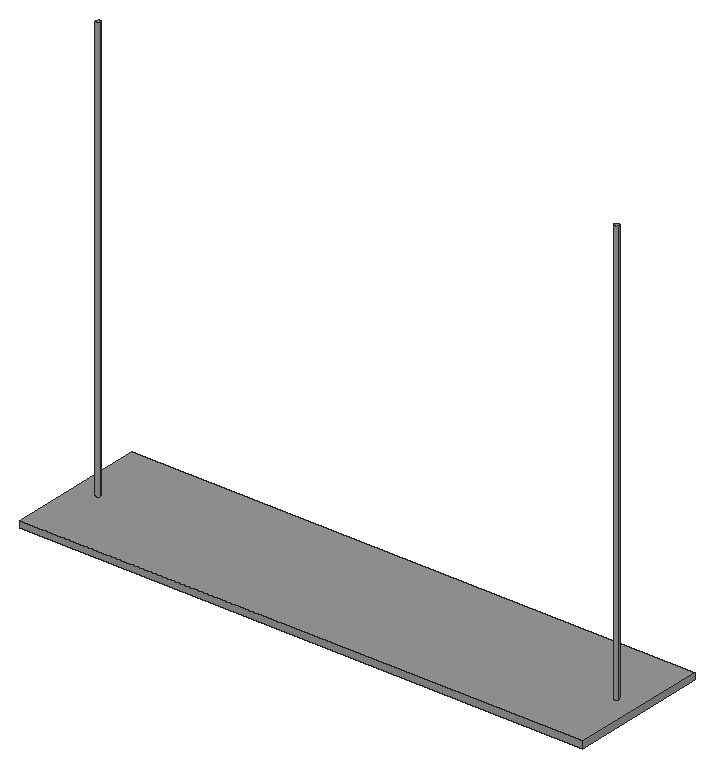
Revit family "63_UN_LEDPanel_LPS-P 120x30_Norton", category Lighting Fixtures, Revit 2019
Family settings
  Round Connector Dimension = Use Diameter
  Part Type = Normal
  OmniClass Number = 23.80.70.11.14.11
  OmniClass Title = Downlights
  Work Plane-Based = No
  Always vertical = Yes
  Cut with Voids When Loaded = No
  Light Source = Yes
  Shared = No
  Room Calculation Point = Yes
Parameters (values of type "LPS-P 865 3500LM 120X30")
  Wattage Comments = "32"
  Wattage = 3.36605 W
  built-in parameter 1150110 = 1 (stored number, unit not read)
  Voltage = 230 V
  URL = "https://www.ivlibrary.com/"
  Type Comments = "LPS-P"
  built-in parameter 1114217 = 1 (stored number, unit not read)
  Tilt Angle = 90.00°
  built-in parameter 1150109 = 1 (stored number, unit not read)
  built-in parameter 1150134 = 3
  Symbol_ToScale [instance] = not(Symbol_RealSize)  # no
  Symbol_RealSize [instance] = yes
  Switch Code [instance] = ""
  built-in parameter 1150113 = 1 (stored number, unit not read)
  Photometric Web File = "LPS-P 865 3500LM 120X30_LDT.ies"
  Model = "LPS"
  Manufacturer = "Norton"
  built-in parameter 1150105 = 39.789 (stored number, unit not read)
  Luminous Flux (lm) = 3500 lm
  Lumens = 3500 lm
  built-in parameter 1150115 = 1 (stored number, unit not read)
  Luminaire Code [instance] = ""
  built-in parameter 1150137 = (empty or 0)
  built-in parameter 1150139 = (empty or 0)
  built-in parameter 1150112 = 1 (stored number, unit not read)
  built-in parameter 1150114 = 1 (stored number, unit not read)
  Lamp = "LED"
  LED Panel = yes
  Suspension Length [instance] = 900 mm
  L4 = 1100 mm
  L3 = 20 mm
  L2 = 296 mm
  L1 = 1196 mm
  built-in parameter 1150132 = 2
  built-in parameter 1150102 = (empty or 0)
  built-in parameter 1150107 = 3200 (stored number, unit not read)
  built-in parameter 1150138 = (empty or 0)
  built-in parameter 1150106 = 0.39789 (stored number, unit not read)
  IfcExportType = "USERDEFINED"
  IfcExportAs = "IfcLightFixtureType"
  ISBN Code = "-"
  IP Value = "IP20"
  IK Value = "IK06"
  Housing_Material = Select RGB Value for different appearance
  H1 = 13.5 mm
  GTIN Code = "-"
  Emit from Rectangle Width = L2 - (L3 * 2)  # 256 mm
  Emit from Rectangle Length = L1 - (L3 * 2)  # 1156 mm
  Emit Shape Visible in Rendering = no
  built-in parameter 1150104 = 13.8 (stored number, unit not read)
  ETIM Code = "-"
  Dimming Lamp Color Temperature Shift = <None>
  Description = ""
  Content Creator® = "www.ivlibrary.com"
  Color Filter = 16777215
  Calc_SuspensionLength [instance] = if(Suspension Length < Calc_MinSuspensionLength, Calc_MinSuspensionLength, if(Suspension Length > Calc_MaxSuspensionLength, Calc_MaxSuspensionLength, Suspension Length))  # 900 mm
  Calc_MinSuspensionLength [instance] = 100 mm
  Calc_MaxSuspensionLength [instance] = 10000 mm
  Calc_L2_Symbol = L2 / 100  # 2.96 mm
  Calc_L1_Symbol = L1 / 100  # 11.96 mm
  built-in parameter 1114218 = 1 (stored number, unit not read)
  built-in parameter 1150133 = 10 (stored number, unit not read)
  Assembly Code = "63.0"
  Apparent Load = 32 VA
Types (3, lengths in mm): name | Photometric Web File | Luminous Flux (lm) | Lumens
  LPS-P 865 3500LM 120X30 | "LPS-P 865 3500LM 120X30_LDT.ies" | 3500 lm | 3500 lm
  LPS-P 84 3400LM 120X30 | "LPS-P 84 3400LM 120X30_LDT.ies" | 3400 lm | 3400 lm
  LPS-P 83 3200LM 120X30 | "LPS-P 83 3200LM 120X30_LDT.ies" | 3200 lm | 3200 lm
Reference planes
  plane 1 "Center (Front/Back)": y = 0
  plane 2: z = 0
  plane 3 "Center (Left/Right)": x = 0
  plane 4: x = -578
  plane 5: x = 578
  plane 6: y = 128
  plane 7: y = -128
  plane 8: x = -598
  plane 9: x = 598
  plane 10: y = -148
  plane 11: y = 148
  plane 12: z = -900
  plane 13: z = -913.5
Forms (mm)
  Extrusion 1, solid, material "Select RGB Value for different appearance" <- "Housing_Material"
    sketch origin (0, 0, 0) x (1, 0, 0) y (0, 1, 0)
      loop
        circle (-550, 0) r 5
      loop
        circle (550, 0) r 5
    from 0 to -900
Lines and regions (mm)
  symbolic lines, visible <- "Symbol_RealSize"
    curve 1: line (-598, -148, 0) -> (598, -148, 0)
    curve 2: line (-598, 148, 0) -> (-598, -148, 0)
    curve 3: line (598, 148, 0) -> (-598, 148, 0)
    curve 4: line (598, -148, 0) -> (598, 148, 0)
Dimensions and locks
  equal spacing: plane 11, plane 1 "Center (Front/Back)", plane 10
  equal spacing: plane 8, plane 3 "Center (Left/Right)", plane 9
  "L1": plane 8 to plane 9
  "L2": plane 11 to plane 10
  "L3": plane 8 to plane 4
  "L3": plane 5 to plane 9
  "L3": plane 6 to plane 11
  "L3": plane 7 to plane 10
  "H1": plane 12 to plane 13
  "Calc_SuspensionLength": level to plane 12
  equal spacing: Extrusion 1 sketch curve, plane 3 "Center (Left/Right)", Extrusion 1 sketch curve
  "L4": Extrusion 1 sketch curve to Extrusion 1 sketch curve
  aligned and locked: level to plane 2
  aligned and locked: plane 12 to Extrusion 1
  aligned and locked: level to Extrusion 1
  aligned and locked: nested 2 to plane 12
  aligned and locked: imposter light to plane 13
Automatic sketch dimensions
  curve 3 to plane 8 = 0 mm
  curve 1 to plane 9 = 0 mm
  curve 2 to plane 10 = 0 mm
  plane 11 to curve 2 = 0 mm
  plane 1 "Center (Front/Back)" to Extrusion 1 sketch curve = 0 mm  (x2)
  radius of Extrusion 1 sketch curve = 5 mm  (x2)
Nested families
  nested 1: "Parametric LED Panel Symbol" at (0, 0, 0), L1 <- "Calc_L1_Symbol", L2 <- "Calc_L2_Symbol", visible <- "Symbol_ToScale", type "Parametric LED Panel Symbol"
    with L2 2.96 mm, L1 11.96 mm
  nested 2: "SU LED Panel Geometry" at (0, 0, -900), type "Type Catalog"
    with Symbol_ToScale no, Symbol_RealSize yes, Switch Code "", Luminaire Code "", L3 20 mm, L2 296 mm, L1 1196 mm, H1 13.5 mm, Calc_L2_Symbol 2.96 mm, Calc_L1_Symbol 11.96 mm
Connectors
  electrical at (0, 0, 0), driven by "Voltage", driven by "Apparent Load"
    settings: index 1, voltage 230 V, apparent load 0 VA, apparent load phase1 32 VA, apparent load phase2 0 VA, apparent load phase3 0 VA, power factor 1, load classification "Lighting", number of poles 1, system type 31, power factor state 1, is connector primary yes, connector utility no, sub classification motor no, connector description ""
Definition of nested family "SU LED Panel Geometry"
  Parameters (values of type "Type Catalog")
    Wattage Comments = "19W"
    Voltage = 230 V
    URL = "https://www.ivlibrary.com/"
    Type Comments = "TYPENAME"
    Symbol_ToScale [instance] = not(Symbol_RealSize)  # no
    Symbol_RealSize [instance] = yes
    Switch Code [instance] = ""
    Model = "FAMILYNAME"
    Manufacturer = "MANUFACTURER"
    Luminous Flux (lm) = 500 lm
    Luminaire Code [instance] = ""
    Lamp = "LED"
    LED Panel = yes
    L3 = 7.5 mm
    L2 = 600 mm
    L1 = 600 mm
    IfcExportType = "USERDEFINED"
    IfcExportAs = "IfcLightFixtureType"
    ISBN Code = "ISBNCODE"
    IP Value = "IPVALUE"
    IK Value = "IKVALUE"
    Housing_Material = none
    H1 = 40 mm
    GTIN Code = "GTINCODE"
    ETIM Code = "ETIMCODE"
    Description = ""
    Content Creator® = "www.ivlibrary.com"
    Calc_L2_Symbol = L2 / 100  # 6 mm
    Calc_L1_Symbol = L1 / 100  # 6 mm
    Assembly Code = "63.0"
    Apparent Load = 19 VA
  Reference planes
    plane 1 "Center (Front/Back)": y = 0
    plane 2: z = 0
    plane 3 "Center (Left/Right)": x = 0
    plane 4: x = -292.5
    plane 5: x = 292.5
    plane 6: y = 292.5
    plane 7: y = -292.5
    plane 8: x = -300
    plane 9: x = 300
    plane 10: y = -300
    plane 11: y = 300
  Forms (mm)
    Extrusion 1, solid, material <- "Housing_Material"
      sketch origin (0, 0, -40) x (1, 0, 0) y (0, 1, 0)
        loop
          line (-292.5, 292.5) -> (-292.5, -292.5) -> (292.5, -292.5) -> (292.5, 292.5) -> (-292.5, 292.5)
      from 0.9 to 40
    Extrusion 2, solid, material <- "Housing_Material"
      sketch origin (0, 0, -40) x (1, 0, 0) y (0, 1, 0)
        loop
          line (-292.5, 292.5) -> (-292.5, -292.5) -> (292.5, -292.5) -> (292.5, 292.5) -> (-292.5, 292.5)
        loop
          line (-300, -300) -> (300, -300) -> (300, 300) -> (-300, 300) -> (-300, -300)
      from 40 to 0
    Extrusion 3, solid
      sketch origin (0, 0, -40) x (1, 0, 0) y (0, 1, 0)
        loop
          line (-292.5, 292.5) -> (-292.5, -292.5) -> (292.5, -292.5) -> (292.5, 292.5) -> (-292.5, 292.5)
      from 0.9 to 0
  Cuts and joins
    joined: Extrusion 1, Extrusion 2
  Lines and regions (mm)
    symbolic lines, visible <- "Symbol_RealSize"
      curve 1: line (-300, -300, 0) -> (300, -300, 0)
      curve 2: line (-300, 300, 0) -> (-300, -300, 0)
      curve 3: line (300, 300, 0) -> (-300, 300, 0)
      curve 4: line (300, -300, 0) -> (300, 300, 0)
  Dimensions and locks
    equal spacing: plane 11, plane 1 "Center (Front/Back)", plane 10
    equal spacing: plane 8, plane 3 "Center (Left/Right)", plane 9
    "L1": plane 8 to plane 9
    "L2": plane 11 to plane 10
    "L3": plane 8 to plane 4
    "L3": plane 5 to plane 9
    "L3": plane 6 to plane 11
    "L3": plane 7 to plane 10
    "H1": level to Extrusion 2
    locked: Extrusion 3 to cut or joined group of Extrusion 1, Extrusion 2 at 0.9
    aligned and locked: level to plane 2
    aligned and locked: level to Extrusion 1
    aligned and locked: level to Extrusion 2
    aligned and locked: cut or joined group of Extrusion 1, Extrusion 2 to Extrusion 3  (x2)
  Automatic sketch dimensions
    curve 3 to plane 8 = 0 mm
    curve 3 to plane 9 = 0 mm
    curve 1 to plane 10 = 0 mm
    plane 11 to curve 3 = 0 mm
    Extrusion 1 sketch curve to plane 4 = 0 mm
    Extrusion 1 sketch curve to plane 5 = 0 mm
    Extrusion 1 sketch curve to plane 7 = 0 mm
    Extrusion 1 sketch curve to plane 6 = 0 mm
    Extrusion 2 sketch curve to plane 8 = 0 mm
    Extrusion 2 sketch curve to plane 4 = 0 mm
    Extrusion 2 sketch curve to plane 5 = 0 mm
    Extrusion 2 sketch curve to plane 9 = 0 mm
    Extrusion 2 sketch curve to plane 10 = 0 mm
    Extrusion 2 sketch curve to plane 7 = 0 mm
    Extrusion 2 sketch curve to plane 6 = 0 mm
    plane 11 to Extrusion 2 sketch curve = 0 mm
    Extrusion 3 sketch curve to plane 4 = 0 mm
    Extrusion 3 sketch curve to plane 5 = 0 mm
    Extrusion 3 sketch curve to plane 7 = 0 mm
    Extrusion 3 sketch curve to plane 6 = 0 mm
  Connectors
    electrical at (0, 0, 0), driven by "Voltage", driven by "Apparent Load"
      settings: index 1, voltage 230 V, apparent load 0 VA, apparent load phase1 19 VA, apparent load phase2 0 VA, apparent load phase3 0 VA, power factor 1, load classification none, number of poles 1, system type 31, power factor state 1, is connector primary yes, connector utility no, sub classification motor no, connector description ""
Definition of nested family "Parametric LED Panel Symbol"
  Parameters (values of type "Parametric LED Panel Symbol")
    L2 [instance] = 4.484 mm
    L1 [instance] = 6.437 mm
  Reference planes
    plane 1: y = 0
    plane 2: x = 0
  Lines and regions (mm)
    detail lines
      curve 1: line (-3.219, 2.242, 0) -> (3.219, 2.242, 0)
      curve 2: line (-3.219, -2.242, 0) -> (-3.219, 2.242, 0)
      curve 3: line (3.219, -2.242, 0) -> (-3.219, -2.242, 0)
      curve 4: line (3.219, 2.242, 0) -> (3.219, -2.242, 0)
  Dimensions and locks
    equal spacing: curve 2, plane 2, curve 4
    equal spacing: curve 3, plane 1, curve 1
    "L1": curve 2 to curve 4
    "L2": curve 3 to curve 1
